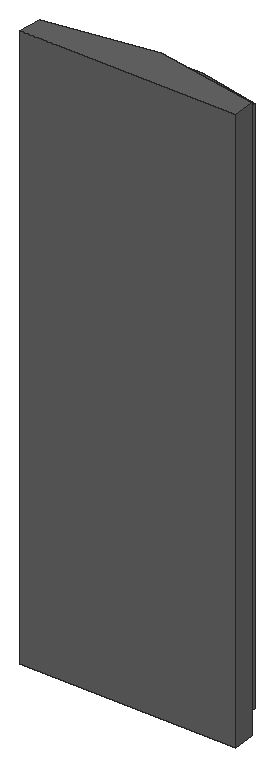
Revit family "JC KONTAKTER JCK212 Armbågskontakt", category Specialty Equipment, host Wall, Revit 2025
Family settings
  Host = Wall
  Round Connector Dimension = Use Diameter
  Part Type = Normal
  Enable Cutting in Views = Yes
  Always vertical = Yes
  Cut with Voids When Loaded = No
  Maintain Annotation Orientation = No
  Shared = No
  Room Calculation Point = No
Parameters (values of type "Armbågskontakt JCK212")
  URL = "https://jckontakter.se/produkt/armbagskontakter-plast/armbagskontakt-jck212/"
  Tillverkningsland = "Sverige"
  Tillvalsförteckning = "https://jckontakter.se/wp-content/uploads/sites/2/Tillval_metall_2024.pdf"
  Tekniskt produktblad = "https://jckontakter.se/wp-content/uploads/2021/10/JCK212.pdf"
  Produktvikt = "0.230 kg"
  Placering av armbågskontakt = "https://jckontakter.se/start/nyheter-och-information/armbagskontakter-placering-riktlinjer/"
  Nominell märkström = "12 V - Resistive 6A Inductive L/R 5ms 6A, 24 V - Resistive 6A Inductive L/R 5ms 5A"
  Model = "JCK212"  # constant formula
  Mikrobrytare = "Standard NO IP67"
  Manufacturer = "JC Kontakter"  # constant formula
  Lägsta märkström = "1mA/4 V DC"
  Core Finish = ABS 750SW (Svart)
  Keynote = ""
  Lid Finish = ABS 750SW (Svart)
  Description = "JCK212 är utvecklad av oss för att underlätta dörröppning för personer med synnedsättning. Den självkontrasterande funktionen innebär att armbågskontakten i sig alltid har en tydlig kontrast- oavsett vilken miljö den monteras i. Den blir därför enkel att upptäcka och använda för de som behöver."  # constant formula
  Default Elevation = 0 mm
  Constrast label Finish = PVC (Kontrastmarkering - Vit)
  CE Dokument = "https://jckontakter.se/wp-content/uploads/CE_Dokument.pdf"
  Assembly Code = ""
  Antal mikrobrytare = 1
Reference planes
  plane 1 "Wall": y = 0
  plane 2 "Center (Left/Right)": x = 125
  plane 3 "Back": y = 75
  plane 4 "A": z = 800
Lines and regions (mm)
  Masking region 1
    outline origin (0, 0, -100) x (1, 0, 0) y (0, 0, 1)
      loop
        line (175, 1145) -> (75, 1145) -> (75, 900) -> (175, 900) -> (175, 1145)
  symbolic lines
    curve 1: line (75, 125, 0) -> (175, 125, 0)
    curve 2: line (75, 75, 0) -> (75, 125, 0)
    curve 3: line (175, 75, 0) -> (75, 75, 0)
    curve 4: line (175, 125, 0) -> (175, 75, 0)
    curve 5: line (175, 0, 1045) -> (75, 0, 1045)
    curve 6: line (175, 0, 800) -> (175, 0, 1045)
    curve 7: line (75, 0, 800) -> (175, 0, 800)
    curve 8: line (75, 0, 1045) -> (75, 0, 800)
Text (mm)
  text "Placement Side" at (-1848.837, 1116.779, 0), in view "Ref. Level"
  text "Placement side" at (0, 1409.804, 2854.306), in view "Left"
  text "Placement side" at (0, 499.811, 2980.732), in view "Right"
Dimensions and locks
  locked: plane 3 "Back" to host wall
  locked: curve 3 to curve 1 at 50
  aligned and locked: plane 1 "Wall" to host wall
  aligned and locked: nested 1 to plane 3 "Back"
  aligned and locked: curve 3 to plane 3 "Back"
  aligned and locked: plane 4 "A" to curve 7
  aligned and locked: curve 6 to Masking region 1
  aligned and locked: Masking region 1 to curve 8
Nested families
  nested 1: "AK_212" at (125, 75, 800) x (-1, 0, 0) z (0, 0, 1), type "AK_212", detail levels medium+fine
Definition of nested family "AK_212"
  Parameters (values of type "AK_212")
    URL = "https://jckontakter.se/produkt/armbagskontakter-plast/armbagskontakt-jck212/"
    Model = "JCK212"  # constant formula
    Manufacturer = "JC Kontakter"  # constant formula
    Lid Finish = none
    Core Finish = none
    Description = "JCK212 är utvecklad av oss för att underlätta dörröppning för personer med synnedsättning. Den självkontrasterande funktionen innebär att armbågskontakten i sig alltid har en tydlig kontrast- oavsett vilken miljö den monteras i. Den blir därför enkel att upptäcka och använda för de som behöver."  # constant formula
    Default Elevation = 0 mm
    Contrast label Finish = none
  Reference planes
    plane 1 "Center (Front/Back)": y = 0
    plane 2: z = 0
    plane 3 "Center (Left/Right)": x = 0
    plane 4 "1": x = 47.5
    plane 5 "A": z = 5
    plane 6 "B": z = 245
    plane 7 "2": through (-38.422, -18.996, 1200) normal (0.1388, 0.9903, 0)
  Forms (mm)
    Extrusion 1, solid, material <- "Core Finish"
      sketch origin (0, 0, 0) x (1, 0, 0) y (0, 1, 0)
        loop
          line (-47.5, 0) -> (-46.5, -10) -> (0, -18) -> (46.5, -10) -> (47.5, 0) -> (-47.5, 0)
      from 0 to 250
    Extrusion 2, void
      sketch origin (0, 0, 0) x (1, 0, 0) y (0, 1, 0)
        loop
          line (-42.5, -4) -> (-42.5, -18.223) -> (42.5, -18.223) -> (42.5, -4) -> (-42.5, -4)
      from 5 to 245
    Extrusion 3, solid, material <- "Lid Finish"
      sketch origin (0, 0, 5) x (-1, 0, 0) y (0, -1, 0)
        loop
          line (-42, 6) -> (42, 6) -> (41.5, 18.145)
          arc (41.5, 18.145) -> (0, 24) -> (-41.5, 18.145) r 150
          line (-41.5, 18.145) -> (-42, 6)
      from 0.5 to 239.5
    Extrusion 4, solid, material <- "Lid Finish"
      sketch origin (0, 0, 5) x (-1, 0, 0) y (0, -1, 0)
        loop
          line (30.48, 20.761) -> (30.656, 21.746) -> (28.687, 22.097) -> (28.511, 21.112) -> (30.48, 20.761)
        loop
          line (24.5, 21.866) -> (24.634, 22.857) -> (22.652, 23.126) -> (22.518, 22.135) -> (24.5, 21.866)
        loop
          line (18.504, 22.704) -> (18.644, 23.694) -> (16.664, 23.975) -> (16.524, 22.985) -> (18.504, 22.704)
        loop
          line (12.5, 23.393) -> (12.5, 24.393) -> (10.5, 24.393) -> (10.5, 23.393) -> (12.5, 23.393)
      from 30 to 210
    Extrusion 5, solid, material <- "Contrast label Finish"
      sketch origin (0, 0, 5) x (-1, 0, 0) y (0, -1, 0)
        loop
          line (38.422, 18.996) -> (38.678, 19.962)
          arc (38.678, 19.962) -> (20.953, 23.539) -> (2.927, 24.972) r 151
          line (2.927, 24.972) -> (2.908, 23.972)
          arc (2.908, 23.972) -> (20.814, 22.549) -> (38.422, 18.996) r 150
      from 15 to 225
    Extrusion 6, void
      sketch origin (-3.35, -23.91, 0) x (-0.990326, 0.13876, 0) y (0, 0, 1)
        loop
          line (1.434, 20) -> (33.534, 20)
          arc (33.534, 20) -> (34.948, 20.586) -> (35.534, 22) r 2
          line (35.534, 22) -> (35.534, 228)
          arc (35.534, 228) -> (34.948, 229.414) -> (33.534, 230) r 2
          line (33.534, 230) -> (1.434, 230)
          arc (1.434, 230) -> (0.019, 229.414) -> (-0.566, 228) r 2
          line (-0.566, 228) -> (-0.566, 22)
          arc (-0.566, 22) -> (0.019, 20.586) -> (1.434, 20) r 2
        loop
          line (38.581, 232.845) -> (-6.419, 232.845) -> (-6.419, 12.845) -> (38.581, 12.845) -> (38.581, 232.845)
        loop
          line (10.207, 217.79) -> (6.344, 217.79) -> (6.344, 31.053) -> (10.207, 31.053) -> (10.207, 217.79)
        loop
          line (16.453, 217.79) -> (12.589, 217.79) -> (12.589, 31.053) -> (16.453, 31.053) -> (16.453, 217.79)
        loop
          line (22.319, 217.79) -> (18.455, 217.79) -> (18.455, 31.053) -> (22.319, 31.053) -> (22.319, 217.79)
        loop
          line (28.659, 217.79) -> (24.795, 217.79) -> (24.795, 31.053) -> (28.659, 31.053) -> (28.659, 217.79)
      from 1 to -20
  Cuts and joins
    Extrusion 2 cuts Extrusion 1
    Extrusion 6 cuts Extrusion 5
  Dimensions and locks
    aligned and locked: level to plane 2
